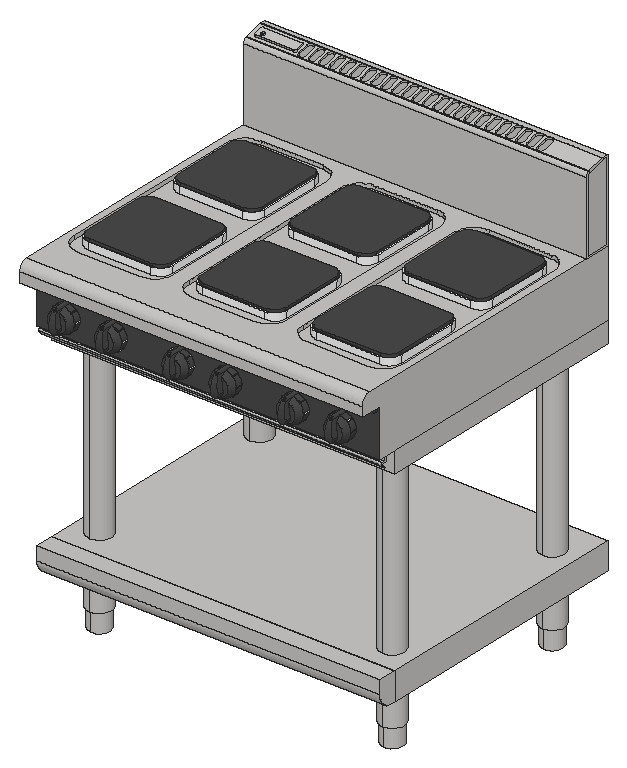
Revit family "QF_Moffat_RNB8600SE-LS_Electric_Cooktops_Sealed_Hobs_cat", category Specialty Equipment, Revit 2019 (continued)
Definition of nested family "High and Low Option"
  Automatic sketch dimensions
    curve 182 to curve 184 = 20 mm
    curve 185 to curve 186 = 7.28 mm
    curve 187 to curve 188 = 20 mm
    curve 189 to curve 190 = 7.28 mm
    curve 190 to curve 192 = 20 mm
    curve 191 to curve 194 = 7.28 mm
    curve 194 to curve 196 = 20 mm
    curve 196 to curve 198 = 7.28 mm
    curve 198 to curve 200 = 20 mm
    curve 103 to curve 106 = 19.749 mm
    curve 109 to curve 110 = 0 mm
    curve 196 to curve 201 = 0 mm
    curve 113 to curve 114 = 0 mm
    curve 192 to curve 197 = 0 mm
    curve 116 to curve 118 = 0 mm
    curve 188 to curve 190 = 0 mm
    curve 121 to curve 122 = 0 mm
    curve 184 to curve 186 = 0 mm  (x2)
    curve 125 to curve 126 = 0 mm
    curve 180 to curve 185 = 0 mm
    curve 129 to curve 130 = 0 mm
    curve 176 to curve 181 = 0 mm
    curve 133 to curve 134 = 0 mm
    curve 172 to curve 174 = 0 mm  (x2)
    curve 137 to curve 138 = 0 mm
    curve 168 to curve 170 = 0 mm  (x2)
    curve 141 to curve 142 = 0 mm
    curve 164 to curve 169 = 0 mm
    curve 145 to curve 146 = 0 mm
    curve 160 to curve 165 = 0 mm
    curve 149 to curve 150 = 0 mm
    curve 156 to curve 158 = 0 mm  (x2)
    curve 156 to curve 156 = 24.26 mm
    curve 152 to curve 155 = 0 mm
    curve 148 to curve 151 = 0 mm
    curve 159 to curve 162 = 0 mm
    curve 144 to curve 147 = 0 mm
    curve 164 to curve 166 = 0 mm
    curve 140 to curve 143 = 0 mm
    curve 136 to curve 139 = 0 mm
    curve 132 to curve 135 = 0 mm
    curve 175 to curve 178 = 0 mm
    curve 128 to curve 131 = 0 mm
    curve 180 to curve 182 = 0 mm
    curve 124 to curve 127 = 0 mm
    curve 120 to curve 123 = 0 mm
    curve 187 to curve 190 = 0 mm
    curve 116 to curve 119 = 0 mm
    curve 191 to curve 194 = 0 mm
    curve 112 to curve 115 = 0 mm
    curve 196 to curve 198 = 0 mm
    curve 108 to curve 111 = 0 mm
    curve 103 to curve 103 = 70 mm
    curve 200 to curve 105 = 123.248 mm
    curve 104 to curve 200 = 19.749 mm
    curve 203 to curve 204 = 900 mm
    curve 203 to curve 203 = 70 mm
    curve 207 to curve 208 = 900 mm
    curve 207 to curve 207 = 70 mm
    Extrusion 4 sketch curve to Extrusion 4 sketch curve = 8.8 mm
    Extrusion 4 sketch curve to Extrusion 4 sketch curve = 43 mm
    Extrusion 4 sketch curve to Extrusion 4 sketch curve = 63.6 mm
    Extrusion 4 sketch curve to Extrusion 4 sketch curve = 20.745 mm
    Extrusion 4 sketch curve to Extrusion 4 sketch curve = 2.306 mm
    Extrusion 4 sketch curve to Extrusion 4 sketch curve = 0.028 mm
    Extrusion 3 sketch curve to Extrusion 3 sketch curve = 8.8 mm
    Extrusion 3 sketch curve to Extrusion 3 sketch curve = 43 mm
    Extrusion 3 sketch curve to Extrusion 3 sketch curve = 63.6 mm
    Extrusion 3 sketch curve to Extrusion 3 sketch curve = 20.745 mm
    Extrusion 3 sketch curve to Extrusion 3 sketch curve = 2.306 mm
    Extrusion 3 sketch curve to Extrusion 3 sketch curve = 0.028 mm
    Extrusion 9 sketch curve to Extrusion 9 sketch curve = 8.8 mm
    Extrusion 9 sketch curve to Extrusion 9 sketch curve = 43 mm
    Extrusion 9 sketch curve to Extrusion 9 sketch curve = 63.6 mm
    Extrusion 9 sketch curve to Extrusion 9 sketch curve = 20.745 mm
    Extrusion 9 sketch curve to Extrusion 9 sketch curve = 2.306 mm
    Extrusion 9 sketch curve to Extrusion 9 sketch curve = 0.028 mm
    Extrusion 8 sketch curve to Extrusion 8 sketch curve = 8.8 mm
    Extrusion 8 sketch curve to Extrusion 8 sketch curve = 43 mm
    Extrusion 8 sketch curve to Extrusion 8 sketch curve = 63.6 mm
    Extrusion 8 sketch curve to Extrusion 8 sketch curve = 20.745 mm
    Extrusion 8 sketch curve to Extrusion 8 sketch curve = 2.306 mm
    Extrusion 8 sketch curve to Extrusion 8 sketch curve = 0.028 mm
    Extrusion 1 sketch curve to Extrusion 1 sketch curve = 15 mm
    Extrusion 1 sketch curve to Extrusion 1 sketch curve = 55 mm  (x2)
    Extrusion 1 sketch curve to Extrusion 1 sketch curve = 40 mm
    Extrusion 6 sketch curve to Extrusion 6 sketch curve = 15 mm
    Extrusion 6 sketch curve to Extrusion 6 sketch curve = 55 mm  (x2)
    Extrusion 6 sketch curve to Extrusion 6 sketch curve = 40 mm
    Extrusion 3 sketch curve to Extrusion 3 sketch curve = 187.855 mm
    Extrusion 3 sketch curve to Extrusion 3 sketch curve = 0.105 mm
    Extrusion 4 sketch curve to Extrusion 4 sketch curve = 187.855 mm
    Extrusion 4 sketch curve to Extrusion 4 sketch curve = 0.105 mm
    Extrusion 8 sketch curve to Extrusion 8 sketch curve = 187.855 mm
    Extrusion 8 sketch curve to Extrusion 8 sketch curve = 0.105 mm
    Extrusion 9 sketch curve to Extrusion 9 sketch curve = 187.855 mm
    Extrusion 9 sketch curve to Extrusion 9 sketch curve = 0.105 mm
  Nested families
    nested 1: "QF_LOGO_Waldorf" at (32, -70, 923.25), visible <- "Show Logo 1", type "QF_LOGO_Waldorf"
    nested 2: "QF_LOGO_Waldorf1" at (12.5, -38.053, 1110.468), visible <- "Show Logo 2", type "QF_LOGO_Waldorf1"
    nested 3: "QF_LOGO_Waldorf" at (32, -70, 923.25), visible <- "Show Logo 1", type "QF_LOGO_Waldorf", not visible
    nested 4: "QF_LOGO_Waldorf1" at (12.5, -38.053, 1110.468), visible <- "Show Logo 2", type "QF_LOGO_Waldorf1", not visible
  Definition of nested family "QF_LOGO_Waldorf"
    Parameters (values of type "QF_LOGO_Waldorf")
      Weight in Pounds = 0
      URL Cutsheet = ""
      Specification by User = ""
      Specification by Manufacturer = ""
      Serial Number = ""
      Seismic Rating = ""
      SMACNA No = ""
      Revision Code = ""
      NAFEM Spec ID Number = ""
      Masterspec = ""
      Length = 138 mm
      Item Number = ""
      Installed By = ""
      Identify Quantity as Lot = yes
      Height = 26.711 mm
      Furnished By = ""
      Foodservice Equipment Identifier = yes
      Depth = 3.175 mm
      CSI MasterFormat = ""
    Reference planes
      plane 1 "BACK": y = 0
      plane 2: z = 0
      plane 3 "LEFT": x = 0
      plane 4 "RIGHT": x = 138
      plane 5 "FRONT": y = -3.175
      plane 6 "TOP": z = 26.711
      plane 7 "Center Y": x = 69
      plane 8 "Center X": y = -1.587
    Forms (mm)
      Extrusion 1, solid
        sketch origin (0, 0, 0) x (1, 0, 0) y (0, 0, 1)
          loop
            line (109, 3.464) -> (109, 23.247)
            spline (109, 23.247) -> (108.966, 23.699) -> (108.864, 24.143) -> (108.696, 24.572) -> (108.464, 24.979) -> (108.173, 25.355) -> (107.828, 25.696) -> (107.435, 25.995) -> (107, 26.247) -> (106.531, 26.447) -> (106.035, 26.593) -> (105.522, 26.681) -> (105, 26.711)
            line (105, 26.711) -> (4, 26.711)
            spline (4, 26.711) -> (3.478, 26.681) -> (2.965, 26.593) -> (2.469, 26.447) -> (2, 26.247) -> (1.565, 25.995) -> (1.172, 25.696) -> (0.827, 25.355) -> (0.536, 24.979) -> (0.304, 24.572) -> (0.136, 24.143) -> (0.034, 23.699) -> (0, 23.247)
            line (0, 23.247) -> (0, 3.464)
            spline (0, 3.464) -> (0.034, 3.012) -> (0.136, 2.568) -> (0.304, 2.138) -> (0.536, 1.732) -> (0.827, 1.355) -> (1.172, 1.015) -> (1.565, 0.716) -> (2, 0.464) -> (2.469, 0.264) -> (2.965, 0.118) -> (3.478, 0.03) -> (4, 0)
            line (4, 0) -> (105, 0)
            spline (105, 0) -> (105.522, 0.03) -> (106.035, 0.118) -> (106.531, 0.264) -> (107, 0.464) -> (107.435, 0.716) -> (107.828, 1.015) -> (108.173, 1.355) -> (108.464, 1.732) -> (108.696, 2.138) -> (108.864, 2.568) -> (108.966, 3.012) -> (109, 3.464)
          loop
            line (14.75, 7.005) -> (14.75, 15.654)
            arc (14.75, 15.654) -> (10.425, 11.329) -> (14.75, 7.005) r 4.325
          loop
            line (15.25, 15.654) -> (15.25, 7.005)
            arc (15.25, 7.005) -> (19.575, 11.329) -> (15.25, 15.654) r 4.325
        from 0 to 3.2
      Extrusion 2, solid
        sketch origin (0, 0, 0) x (1, 0, 0) y (0, 0, 1)
          loop
            line (15.25, 15.654) -> (15.25, 7.005)
            arc (15.25, 7.005) -> (19.575, 11.329) -> (15.25, 15.654) r 4.325
        from 0 to 3.2
      Extrusion 3, solid
        sketch origin (16.271, 0, 0) x (-1, 0, 0) y (0, 0, -1)
          loop
            arc (1.521, -15.654) -> (5.846, -11.329) -> (1.521, -7.005) r 4.325
            line (1.521, -7.005) -> (1.521, -15.654)
        from 0 to 3.2
    Lines and regions (mm)
      Split face 1
        outline origin (0, -3.2, 0) x (1, 0, 0) y (0, 0, 1)
          loop
            spline (22.129, 16.975) -> (22.389, 15.984) -> (22.649, 15.002) -> (22.91, 14.028) -> (23.172, 13.065) -> (23.433, 12.11) -> (23.695, 11.166) -> (23.956, 10.232) -> (24.218, 9.308) -> (24.479, 8.396) -> (24.74, 7.495) -> (25, 6.605) -> (25.26, 5.728)
            line (25.26, 5.728) -> (29.463, 5.728)
            spline (29.463, 5.728) -> (29.582, 6.252) -> (29.701, 6.78) -> (29.82, 7.313) -> (29.939, 7.85) -> (30.058, 8.391) -> (30.178, 8.936) -> (30.297, 9.485) -> (30.416, 10.038) -> (30.536, 10.594) -> (30.655, 11.155) -> (30.775, 11.719) -> (30.894, 12.287)
            spline (30.894, 12.287) -> (31.018, 11.719) -> (31.142, 11.155) -> (31.266, 10.594) -> (31.39, 10.038) -> (31.514, 9.485) -> (31.638, 8.936) -> (31.762, 8.391) -> (31.885, 7.85) -> (32.009, 7.313) -> (32.133, 6.78) -> (32.256, 6.252) -> (32.379, 5.728)
            line (32.379, 5.728) -> (36.51, 5.728)
            spline (36.51, 5.728) -> (36.766, 6.605) -> (37.023, 7.495) -> (37.28, 8.396) -> (37.538, 9.308) -> (37.795, 10.232) -> (38.053, 11.166) -> (38.311, 12.11) -> (38.569, 13.065) -> (38.826, 14.028) -> (39.083, 15.002) -> (39.34, 15.984) -> (39.597, 16.975)
            line (39.597, 16.975) -> (35.637, 16.975)
            spline (35.637, 16.975) -> (35.523, 16.334) -> (35.41, 15.697) -> (35.296, 15.063) -> (35.182, 14.433) -> (35.068, 13.807) -> (34.954, 13.185) -> (34.84, 12.566) -> (34.726, 11.952) -> (34.612, 11.342) -> (34.497, 10.737) -> (34.383, 10.135) -> (34.269, 9.538)
            spline (34.269, 9.538) -> (34.138, 10.135) -> (34.008, 10.737) -> (33.877, 11.342) -> (33.746, 11.952) -> (33.616, 12.566) -> (33.485, 13.185) -> (33.354, 13.807) -> (33.224, 14.433) -> (33.093, 15.063) -> (32.963, 15.697) -> (32.833, 16.334) -> (32.703, 16.975)
            line (32.703, 16.975) -> (29.247, 16.975)
            spline (29.247, 16.975) -> (29.111, 16.334) -> (28.974, 15.697) -> (28.837, 15.063) -> (28.7, 14.433) -> (28.562, 13.807) -> (28.425, 13.185) -> (28.288, 12.566) -> (28.15, 11.952) -> (28.013, 11.342) -> (27.875, 10.737) -> (27.738, 10.135) -> (27.6, 9.538)
            spline (27.6, 9.538) -> (27.483, 10.135) -> (27.366, 10.737) -> (27.249, 11.342) -> (27.132, 11.952) -> (27.015, 12.566) -> (26.897, 13.185) -> (26.78, 13.807) -> (26.663, 14.433) -> (26.546, 15.063) -> (26.43, 15.697) -> (26.313, 16.334) -> (26.196, 16.975)
            line (26.196, 16.975) -> (22.129, 16.975)
      Split face 2
        outline origin (0, -3.2, 0) x (1, 0, 0) y (0, 0, 1)
          loop
            line (51.449, 5.728) -> (51.035, 6.606) -> (51.035, 11.169)
            spline (51.035, 11.169) -> (50.686, 12.42) -> (50.176, 13.224) -> (49.51, 13.708) -> (48.693, 13.995) -> (47.747, 14.152) -> (46.698, 14.207) -> (45.579, 14.186) -> (44.419, 14.114) -> (43.279, 13.929) -> (42.249, 13.481) -> (41.424, 12.614) -> (40.897, 11.169)
            line (40.897, 11.169) -> (44.617, 11.169) -> (44.988, 11.965)
            spline (44.988, 11.965) -> (47.294, 11.682) -> (46.856, 10.932) -> (45.527, 10.609) -> (43.858, 10.439) -> (42.259, 10.123) -> (41.078, 9.417) -> (40.563, 8.246) -> (40.689, 6.989) -> (41.407, 6.052) -> (42.774, 5.536) -> (44.847, 5.497) -> (47.306, 6.602)
            line (47.306, 6.602) -> (47.624, 5.728) -> (51.449, 5.728)
      Split face 3
        outline origin (0, -3.2, 0) x (1, 0, 0) y (0, 0, 1)
          loop
            line (47.264, 9.264) -> (44.938, 8.597)
            spline (44.938, 8.597) -> (44.508, 8.228) -> (44.402, 7.9) -> (44.548, 7.626) -> (44.877, 7.42) -> (45.317, 7.295) -> (45.797, 7.265) -> (46.252, 7.342) -> (46.65, 7.525) -> (46.971, 7.813) -> (47.194, 8.201) -> (47.298, 8.685) -> (47.264, 9.264)
      Split face 4
        outline origin (0, -3.2, 0) x (1, 0, 0) y (0, 0, 1)
          loop
            line (53.33, 16.975) -> (53.33, 5.728) -> (57.173, 5.728) -> (57.173, 16.975) -> (53.33, 16.975)
      Split face 5
        outline origin (0, -3.2, 0) x (1, 0, 0) y (0, 0, 1)
          loop
            line (65.795, 16.975) -> (65.795, 12.976)
            spline (65.795, 12.976) -> (63.839, 14.082) -> (62.087, 14.096) -> (60.633, 13.343) -> (59.574, 12.148) -> (58.99, 10.806) -> (58.867, 9.452) -> (59.156, 8.159) -> (59.81, 7) -> (60.786, 6.056) -> (62.111, 5.514) -> (63.868, 5.634) -> (66.137, 6.679)
            line (66.137, 6.679) -> (66.137, 5.728) -> (69.511, 5.728) -> (69.511, 16.975) -> (65.795, 16.975)
      Split face 6
        outline origin (0, -3.2, 0) x (1, 0, 0) y (0, 0, 1)
          loop
            spline (64.273, 7.499) -> (64.754, 7.57) -> (65.202, 7.777) -> (65.587, 8.106) -> (65.882, 8.535) -> (66.067, 9.034) -> (66.131, 9.57) -> (66.067, 10.106) -> (65.882, 10.605) -> (65.587, 11.034) -> (65.202, 11.363) -> (64.754, 11.57) -> (64.273, 11.64)
            spline (64.273, 11.64) -> (63.793, 11.57) -> (63.345, 11.363) -> (62.96, 11.034) -> (62.665, 10.605) -> (62.479, 10.106) -> (62.416, 9.57) -> (62.479, 9.034) -> (62.665, 8.535) -> (62.96, 8.106) -> (63.345, 7.777) -> (63.793, 7.57) -> (64.273, 7.499)
      Split face 7
        outline origin (0, -3.2, 0) x (1, 0, 0) y (0, 0, 1)
          loop
            spline (76.449, 5.305) -> (77.855, 5.457) -> (79.166, 5.901) -> (80.291, 6.607) -> (81.155, 7.527) -> (81.698, 8.599) -> (81.883, 9.749) -> (81.698, 10.899) -> (81.155, 11.97) -> (80.291, 12.891) -> (79.166, 13.597) -> (77.855, 14.041) -> (76.449, 14.192)
            spline (76.449, 14.192) -> (75.042, 14.041) -> (73.731, 13.597) -> (72.606, 12.891) -> (71.742, 11.97) -> (71.199, 10.899) -> (71.014, 9.749) -> (71.199, 8.599) -> (71.742, 7.527) -> (72.606, 6.607) -> (73.731, 5.901) -> (75.042, 5.457) -> (76.449, 5.305)
      Split face 8
        outline origin (0, -3.2, 0) x (1, 0, 0) y (0, 0, 1)
          loop
            spline (76.449, 7.654) -> (76.841, 7.725) -> (77.206, 7.934) -> (77.52, 8.267) -> (77.76, 8.701) -> (77.912, 9.206) -> (77.963, 9.749) -> (77.912, 10.291) -> (77.76, 10.796) -> (77.52, 11.23) -> (77.206, 11.563) -> (76.841, 11.772) -> (76.449, 11.843)
            spline (76.449, 11.843) -> (76.057, 11.772) -> (75.691, 11.563) -> (75.378, 11.23) -> (75.137, 10.796) -> (74.986, 10.291) -> (74.934, 9.749) -> (74.986, 9.206) -> (75.137, 8.701) -> (75.378, 8.267) -> (75.691, 7.934) -> (76.057, 7.725) -> (76.449, 7.654)
      Split face 9
        outline origin (0, -3.2, 0) x (1, 0, 0) y (0, 0, 1)
          loop
            line (86.998, 12.335) -> (86.998, 13.879) -> (83.479, 13.879) -> (83.479, 5.728) -> (87.312, 5.728) -> (87.312, 8.975)
            spline (87.312, 8.975) -> (87.364, 9.356) -> (87.458, 9.686) -> (87.594, 9.968) -> (87.769, 10.204) -> (87.982, 10.398) -> (88.229, 10.55) -> (88.509, 10.666) -> (88.82, 10.746) -> (89.16, 10.794) -> (89.525, 10.812) -> (89.915, 10.803) -> (90.327, 10.77)
            line (90.327, 10.77) -> (90.327, 14.113)
            spline (90.327, 14.113) -> (89.929, 14.127) -> (89.552, 14.111) -> (89.197, 14.066) -> (88.865, 13.991) -> (88.554, 13.887) -> (88.266, 13.754) -> (87.999, 13.591) -> (87.755, 13.399) -> (87.532, 13.177) -> (87.332, 12.926) -> (87.154, 12.645) -> (86.998, 12.335)
      Split face 10
        outline origin (0, -3.2, 0) x (1, 0, 0) y (0, 0, 1)
          loop
            line (92.082, 13.879) -> (90.894, 13.879) -> (90.894, 11.972) -> (92.082, 11.972) -> (92.082, 5.728) -> (95.871, 5.728) -> (95.871, 11.972) -> (97.5, 11.972) -> (97.5, 13.879) -> (95.871, 13.879)
            spline (95.871, 13.879) -> (95.843, 14.088) -> (95.845, 14.278) -> (95.877, 14.447) -> (95.939, 14.596) -> (96.03, 14.726) -> (96.151, 14.835) -> (96.301, 14.925) -> (96.482, 14.995) -> (96.692, 15.045) -> (96.931, 15.075) -> (97.201, 15.085) -> (97.5, 15.076)
            line (97.5, 15.076) -> (97.5, 17.266) -> (95.367, 17.266)
            spline (95.367, 17.266) -> (94.982, 17.253) -> (94.58, 17.21) -> (94.174, 17.132) -> (93.774, 17.013) -> (93.39, 16.846) -> (93.034, 16.627) -> (92.717, 16.349) -> (92.448, 16.007) -> (92.24, 15.595) -> (92.102, 15.106) -> (92.046, 14.537) -> (92.082, 13.879)
    Dimensions and locks
      equal spacing: plane 3 "LEFT", plane 7 "Center Y", plane 4 "RIGHT"
      "Length": plane 3 "LEFT" to plane 4 "RIGHT"
      equal spacing: plane 5 "FRONT", plane 8 "Center X", plane 1 "BACK"
      "Depth": plane 5 "FRONT" to plane 1 "BACK"
      "Height": plane 6 "TOP" to level
      plane 4 "RIGHT" to plane 3 "LEFT" = 138 mm
      aligned and locked: level to plane 2
    Automatic sketch dimensions
      Extrusion 1 sketch curve to plane 3 "LEFT" = 0 mm
      Extrusion 1 sketch curve to plane 6 "TOP" = 0 mm
      Extrusion 1 sketch curve to level = 0 mm
      plane 3 "LEFT" to Extrusion 1 sketch curve = 4 mm  (x2)
      Extrusion 1 sketch curve to Extrusion 1 sketch curve = 10.75 mm
      Extrusion 1 sketch curve to Extrusion 1 sketch curve = 0.5 mm
      plane 4 "RIGHT" to Extrusion 1 sketch curve = 33 mm
      Extrusion 1 sketch curve to Extrusion 1 sketch curve = 0 mm  (x3)
      Extrusion 1 sketch curve to Extrusion 1 sketch curve = 4 mm
      level to Extrusion 1 sketch curve = 3.464 mm  (x2)
      level to Extrusion 1 sketch curve = 7.005 mm
      Extrusion 1 sketch curve to Extrusion 1 sketch curve = 4.325 mm
      Extrusion 1 sketch curve to plane 6 "TOP" = 3.464 mm  (x2)
      Extrusion 2 sketch curve to Extrusion 2 sketch curve = 4.325 mm
      level to Extrusion 2 sketch curve = 7.005 mm
      plane 3 "LEFT" to Extrusion 2 sketch curve = 15.25 mm
      Extrusion 3 sketch curve to Extrusion 3 sketch curve = 4.325 mm
      Extrusion 3 sketch curve to level = 7.005 mm
      Extrusion 3 sketch curve to plane 3 "LEFT" = 14.75 mm
      Extrusion 1 to Split face 1 sketch curve = 6.879 mm
      Split face 1 sketch curve to Extrusion 1 = 5.728 mm
      Split face 1 sketch curve to Split face 1 sketch curve = 3.132 mm
      Split face 1 sketch curve to Split face 1 sketch curve = 4.068 mm
      Split face 1 sketch curve to Split face 1 sketch curve = 3.051 mm
      Split face 1 sketch curve to Split face 1 sketch curve = 4.203 mm
      Split face 1 sketch curve to Split face 1 sketch curve = 2.916 mm
      Split face 1 sketch curve to Split face 1 sketch curve = 3.456 mm
      Split face 1 sketch curve to Split face 1 sketch curve = 2.934 mm
      Split face 1 sketch curve to Split face 1 sketch curve = 4.131 mm
      Split face 1 sketch curve to Split face 1 sketch curve = 3.96 mm
      Split face 1 sketch curve to Split face 1 sketch curve = 0 mm  (x2)
      Split face 1 sketch curve to Extrusion 1 = 9.736 mm  (x2)
      Extrusion 1 to Split face 1 sketch curve = 6.337 mm
      Extrusion 1 to Split face 1 sketch curve = 6.231 mm
      Extrusion 1 to Split face 1 sketch curve = 3.184 mm
      Extrusion 1 to Split face 1 sketch curve = 13.135 mm
      Split face 1 sketch curve to Split face 1 sketch curve = 4.652 mm
      Split face 1 sketch curve to Split face 1 sketch curve = 3.593 mm
      Split face 1 sketch curve to Split face 1 sketch curve = 1.863 mm
      Split face 1 sketch curve to Split face 1 sketch curve = 0.713 mm
      Split face 1 sketch curve to Split face 1 sketch curve = 2.684 mm
      Split face 1 sketch curve to Split face 1 sketch curve = 3.294 mm
      Split face 1 sketch curve to Split face 1 sketch curve = 0.459 mm
      Split face 1 sketch curve to Split face 1 sketch curve = 2.775 mm
      Split face 1 sketch curve to Split face 1 sketch curve = 1.89 mm
      Split face 1 sketch curve to Split face 1 sketch curve = 0.685 mm
      Split face 1 sketch curve to Split face 1 sketch curve = 9.486 mm
      Split face 1 sketch curve to Split face 1 sketch curve = 16.213 mm
      Split face 1 sketch curve to Split face 1 sketch curve = 3.48 mm
      Split face 1 sketch curve to Split face 1 sketch curve = 4.918 mm
      Split face 1 sketch curve to Split face 1 sketch curve = 7.609 mm
      Split face 1 sketch curve to Split face 1 sketch curve = 0.01 mm  (x2)
      Split face 1 sketch curve to Split face 1 sketch curve = 0.002 mm
      Split face 2 sketch curve to Extrusion 1 = 11.169 mm
      Extrusion 1 to Split face 2 sketch curve = 25.647 mm
      Split face 2 sketch curve to Split face 2 sketch curve = 3.72 mm
      Split face 2 sketch curve to Extrusion 1 = 11.965 mm
      Split face 2 sketch curve to Split face 2 sketch curve = 0.371 mm
      Split face 2 sketch curve to Extrusion 1 = 6.602 mm
      Split face 2 sketch curve to Split face 2 sketch curve = 2.689 mm
      Split face 2 sketch curve to Split face 2 sketch curve = 0.318 mm
      Split face 2 sketch curve to Split face 2 sketch curve = 3.729 mm
      Split face 2 sketch curve to Split face 2 sketch curve = 0.414 mm
      Split face 2 sketch curve to Split face 2 sketch curve = 0.875 mm
      Split face 2 sketch curve to Split face 2 sketch curve = 0.878 mm
      Split face 3 sketch curve to Extrusion 1 = 8.597 mm
      Extrusion 1 to Split face 3 sketch curve = 29.688 mm
      Split face 3 sketch curve to Extrusion 1 = 9.264 mm
      Split face 3 sketch curve to Split face 3 sketch curve = 2.326 mm
      Split face 4 sketch curve to Extrusion 1 = 5.728 mm
      Extrusion 1 to Split face 4 sketch curve = 38.08 mm
      Split face 4 sketch curve to Split face 4 sketch curve = 3.843 mm
      Split face 4 sketch curve to Extrusion 1 = 9.736 mm
      Split face 5 sketch curve to Extrusion 1 = 12.976 mm
      Split face 5 sketch curve to Extrusion 1 = 43.205 mm
      Split face 5 sketch curve to Extrusion 1 = 6.679 mm
      Split face 5 sketch curve to Split face 5 sketch curve = 0.342 mm
      Split face 5 sketch curve to Split face 5 sketch curve = 3.375 mm
      Split face 5 sketch curve to Split face 5 sketch curve = 0.952 mm
      Split face 5 sketch curve to Split face 5 sketch curve = 3.998 mm
      Split face 6 sketch curve to Extrusion 1 = 7.499 mm
      Split face 6 sketch curve to Extrusion 1 = 44.727 mm
      Split face 6 sketch curve to Split face 6 sketch curve = 2.07 mm
      Split face 7 sketch curve to Extrusion 1 = 5.305 mm
      Split face 7 sketch curve to Extrusion 1 = 32.551 mm
      Split face 7 sketch curve to Split face 7 sketch curve = 4.443 mm
      Split face 8 sketch curve to Split face 8 sketch curve = 2.095 mm
      Split face 8 sketch curve to Extrusion 1 = 7.654 mm
      Split face 8 sketch curve to Extrusion 1 = 32.551 mm
      Split face 9 sketch curve to Extrusion 1 = 5.728 mm
      Split face 9 sketch curve to Extrusion 1 = 25.521 mm
      Split face 9 sketch curve to Split face 9 sketch curve = 3.519 mm
      Split face 9 sketch curve to Split face 9 sketch curve = 0.315 mm
      Split face 9 sketch curve to Split face 9 sketch curve = 3.33 mm
      Split face 9 sketch curve to Split face 9 sketch curve = 3.248 mm
      Split face 9 sketch curve to Split face 9 sketch curve = 1.795 mm
      Split face 9 sketch curve to Split face 9 sketch curve = 3.36 mm
      Split face 9 sketch curve to Split face 9 sketch curve = 1.545 mm
      Split face 9 sketch curve to Split face 9 sketch curve = 0.233 mm
      Split face 10 sketch curve to Extrusion 1 = 18.106 mm
      Split face 10 sketch curve to Split face 10 sketch curve = 1.188 mm  (x2)
      Split face 10 sketch curve to Split face 10 sketch curve = 3.285 mm
      Split face 10 sketch curve to Split face 10 sketch curve = 3.789 mm
      Split face 10 sketch curve to Split face 10 sketch curve = 0 mm  (x2)
      Split face 10 sketch curve to Split face 10 sketch curve = 1.629 mm
      Split face 10 sketch curve to Split face 10 sketch curve = 2.133 mm
      Split face 10 sketch curve to Extrusion 1 = 5.728 mm
      Split face 10 sketch curve to Split face 10 sketch curve = 6.245 mm
      Split face 10 sketch curve to Split face 10 sketch curve = 1.907 mm  (x2)
      Split face 10 sketch curve to Split face 10 sketch curve = 1.197 mm
      Split face 10 sketch curve to Split face 10 sketch curve = 2.19 mm
  Definition of nested family "QF_LOGO_Waldorf1"
    Parameters (values of type "QF_LOGO_Waldorf1")
      Weight in Pounds = 0
      URL Cutsheet = ""
      Specification by User = ""
      Specification by Manufacturer = ""
      Serial Number = ""
      Seismic Rating = ""
      SMACNA No = ""
      Revision Code = ""
      NAFEM Spec ID Number = ""
      Masterspec = ""
      Length = 138 mm
      Item Number = ""
      Installed By = ""
      Identify Quantity as Lot = yes
      Height = 26.711 mm
      Furnished By = ""
      Foodservice Equipment Identifier = yes
      Depth = 3.175 mm
      CSI MasterFormat = ""
    Reference planes
      plane 1 "BACK": y = 0
      plane 2: z = 0
      plane 3 "LEFT": x = 0
      plane 4 "RIGHT": x = 138
      plane 5 "FRONT": y = -3.175
      plane 6 "TOP": z = 26.711
      plane 7 "Center Y": x = 69
      plane 8 "Center X": y = -1.587
    Forms (mm)
      Extrusion 1, solid
        sketch origin (0, -12.9, 9.899) x (1, 0, 0) y (0, 0.965926, 0.258819)
          loop
            line (109, 3.464) -> (109, 23.247)
            spline (109, 23.247) -> (108.966, 23.699) -> (108.864, 24.143) -> (108.696, 24.572) -> (108.464, 24.979) -> (108.173, 25.355) -> (107.828, 25.696) -> (107.435, 25.995) -> (107, 26.247) -> (106.531, 26.447) -> (106.035, 26.593) -> (105.522, 26.681) -> (105, 26.711)
            line (105, 26.711) -> (4, 26.711)
            spline (4, 26.711) -> (3.478, 26.681) -> (2.965, 26.593) -> (2.469, 26.447) -> (2, 26.247) -> (1.565, 25.995) -> (1.172, 25.696) -> (0.827, 25.355) -> (0.536, 24.979) -> (0.304, 24.572) -> (0.136, 24.143) -> (0.034, 23.699) -> (0, 23.247)
            line (0, 23.247) -> (0, 3.464)
            spline (0, 3.464) -> (0.034, 3.012) -> (0.136, 2.568) -> (0.304, 2.138) -> (0.536, 1.732) -> (0.827, 1.355) -> (1.172, 1.015) -> (1.565, 0.716) -> (2, 0.464) -> (2.469, 0.264) -> (2.965, 0.118) -> (3.478, 0.03) -> (4, 0)
            line (4, 0) -> (105, 0)
            spline (105, 0) -> (105.522, 0.03) -> (106.035, 0.118) -> (106.531, 0.264) -> (107, 0.464) -> (107.435, 0.716) -> (107.828, 1.015) -> (108.173, 1.355) -> (108.464, 1.732) -> (108.696, 2.138) -> (108.864, 2.568) -> (108.966, 3.012) -> (109, 3.464)
          loop
            line (14.75, 7.005) -> (14.75, 15.654)
            arc (14.75, 15.654) -> (10.425, 11.329) -> (14.75, 7.005) r 4.325
          loop
            line (15.25, 15.654) -> (15.25, 7.005)
            arc (15.25, 7.005) -> (19.575, 11.329) -> (15.25, 15.654) r 4.325
        from 0 to 3.2
      Extrusion 2, solid
        sketch origin (0, -12.9, 9.899) x (1, 0, 0) y (0, 0.965926, 0.258819)
          loop
            line (15.25, 15.654) -> (15.25, 7.005)
            arc (15.25, 7.005) -> (19.575, 11.329) -> (15.25, 15.654) r 4.325
        from 0 to 3.2
      Extrusion 3, solid
        sketch origin (16.271, -12.9, 9.899) x (-1, 0, 0) y (0, -0.965926, -0.258819)
          loop
            arc (1.521, -15.654) -> (5.846, -11.329) -> (1.521, -7.005) r 4.325
            line (1.521, -7.005) -> (1.521, -15.654)
        from 0 to 3.2
    Lines and regions (mm)
      Split face 1
        outline origin (0, -13.729, 12.99) x (1, 0, 0) y (0, 0.965926, 0.258819)
          loop
            spline (22.129, 16.975) -> (22.389, 15.984) -> (22.649, 15.002) -> (22.91, 14.028) -> (23.172, 13.065) -> (23.433, 12.11) -> (23.695, 11.166) -> (23.956, 10.232) -> (24.218, 9.308) -> (24.479, 8.396) -> (24.74, 7.495) -> (25, 6.605) -> (25.26, 5.728)
            line (25.26, 5.728) -> (29.463, 5.728)
            spline (29.463, 5.728) -> (29.582, 6.252) -> (29.701, 6.78) -> (29.82, 7.313) -> (29.939, 7.85) -> (30.058, 8.391) -> (30.178, 8.936) -> (30.297, 9.485) -> (30.416, 10.038) -> (30.536, 10.594) -> (30.655, 11.155) -> (30.775, 11.719) -> (30.894, 12.287)
            spline (30.894, 12.287) -> (31.018, 11.719) -> (31.142, 11.155) -> (31.266, 10.594) -> (31.39, 10.038) -> (31.514, 9.485) -> (31.638, 8.936) -> (31.762, 8.391) -> (31.885, 7.85) -> (32.009, 7.313) -> (32.133, 6.78) -> (32.256, 6.252) -> (32.379, 5.728)
            line (32.379, 5.728) -> (36.51, 5.728)
            spline (36.51, 5.728) -> (36.766, 6.605) -> (37.023, 7.495) -> (37.28, 8.396) -> (37.538, 9.308) -> (37.795, 10.232) -> (38.053, 11.166) -> (38.311, 12.11) -> (38.569, 13.065) -> (38.826, 14.028) -> (39.083, 15.002) -> (39.34, 15.984) -> (39.597, 16.975)
            line (39.597, 16.975) -> (35.637, 16.975)
            spline (35.637, 16.975) -> (35.523, 16.334) -> (35.41, 15.697) -> (35.296, 15.063) -> (35.182, 14.433) -> (35.068, 13.807) -> (34.954, 13.185) -> (34.84, 12.566) -> (34.726, 11.952) -> (34.612, 11.342) -> (34.497, 10.737) -> (34.383, 10.135) -> (34.269, 9.538)
            spline (34.269, 9.538) -> (34.138, 10.135) -> (34.008, 10.737) -> (33.877, 11.342) -> (33.746, 11.952) -> (33.616, 12.566) -> (33.485, 13.185) -> (33.354, 13.807) -> (33.224, 14.433) -> (33.093, 15.063) -> (32.963, 15.697) -> (32.833, 16.334) -> (32.703, 16.975)
            line (32.703, 16.975) -> (29.247, 16.975)
            spline (29.247, 16.975) -> (29.111, 16.334) -> (28.974, 15.697) -> (28.837, 15.063) -> (28.7, 14.433) -> (28.562, 13.807) -> (28.425, 13.185) -> (28.288, 12.566) -> (28.15, 11.952) -> (28.013, 11.342) -> (27.875, 10.737) -> (27.738, 10.135) -> (27.6, 9.538)
            spline (27.6, 9.538) -> (27.483, 10.135) -> (27.366, 10.737) -> (27.249, 11.342) -> (27.132, 11.952) -> (27.015, 12.566) -> (26.897, 13.185) -> (26.78, 13.807) -> (26.663, 14.433) -> (26.546, 15.063) -> (26.43, 15.697) -> (26.313, 16.334) -> (26.196, 16.975)
            line (26.196, 16.975) -> (22.129, 16.975)
      Split face 2
        outline origin (0, -13.729, 12.99) x (1, 0, 0) y (0, 0.965926, 0.258819)
          loop
            line (51.449, 5.728) -> (51.035, 6.606) -> (51.035, 11.169)
            spline (51.035, 11.169) -> (50.686, 12.42) -> (50.176, 13.224) -> (49.51, 13.708) -> (48.693, 13.995) -> (47.747, 14.152) -> (46.698, 14.207) -> (45.579, 14.186) -> (44.419, 14.114) -> (43.279, 13.929) -> (42.249, 13.481) -> (41.424, 12.614) -> (40.897, 11.169)
            line (40.897, 11.169) -> (44.617, 11.169) -> (44.988, 11.965)
            spline (44.988, 11.965) -> (47.294, 11.682) -> (46.856, 10.932) -> (45.527, 10.609) -> (43.858, 10.439) -> (42.259, 10.123) -> (41.078, 9.417) -> (40.563, 8.246) -> (40.689, 6.989) -> (41.407, 6.052) -> (42.774, 5.536) -> (44.847, 5.497) -> (47.306, 6.602)
            line (47.306, 6.602) -> (47.624, 5.728) -> (51.449, 5.728)
      Split face 3
        outline origin (0, -13.729, 12.99) x (1, 0, 0) y (0, 0.965926, 0.258819)
          loop
            line (47.264, 9.264) -> (44.938, 8.597)
            spline (44.938, 8.597) -> (44.508, 8.228) -> (44.402, 7.9) -> (44.548, 7.626) -> (44.877, 7.42) -> (45.317, 7.295) -> (45.797, 7.265) -> (46.252, 7.342) -> (46.65, 7.525) -> (46.971, 7.813) -> (47.194, 8.201) -> (47.298, 8.685) -> (47.264, 9.264)
      Split face 4
        outline origin (0, -13.729, 12.99) x (1, 0, 0) y (0, 0.965926, 0.258819)
          loop
            line (53.33, 16.975) -> (53.33, 5.728) -> (57.173, 5.728) -> (57.173, 16.975) -> (53.33, 16.975)
      Split face 5
        outline origin (0, -13.729, 12.99) x (1, 0, 0) y (0, 0.965926, 0.258819)
          loop
            line (65.795, 16.975) -> (65.795, 12.976)
            spline (65.795, 12.976) -> (63.839, 14.082) -> (62.087, 14.096) -> (60.633, 13.343) -> (59.574, 12.148) -> (58.99, 10.806) -> (58.867, 9.452) -> (59.156, 8.159) -> (59.81, 7) -> (60.786, 6.056) -> (62.111, 5.514) -> (63.868, 5.634) -> (66.137, 6.679)
            line (66.137, 6.679) -> (66.137, 5.728) -> (69.511, 5.728) -> (69.511, 16.975) -> (65.795, 16.975)
      Split face 6
        outline origin (0, -13.729, 12.99) x (1, 0, 0) y (0, 0.965926, 0.258819)
          loop
            spline (64.273, 7.499) -> (64.754, 7.57) -> (65.202, 7.777) -> (65.587, 8.106) -> (65.882, 8.535) -> (66.067, 9.034) -> (66.131, 9.57) -> (66.067, 10.106) -> (65.882, 10.605) -> (65.587, 11.034) -> (65.202, 11.363) -> (64.754, 11.57) -> (64.273, 11.64)
            spline (64.273, 11.64) -> (63.793, 11.57) -> (63.345, 11.363) -> (62.96, 11.034) -> (62.665, 10.605) -> (62.479, 10.106) -> (62.416, 9.57) -> (62.479, 9.034) -> (62.665, 8.535) -> (62.96, 8.106) -> (63.345, 7.777) -> (63.793, 7.57) -> (64.273, 7.499)
      Split face 7
        outline origin (0, -13.729, 12.99) x (1, 0, 0) y (0, 0.965926, 0.258819)
          loop
            spline (76.449, 5.305) -> (77.855, 5.457) -> (79.166, 5.901) -> (80.291, 6.607) -> (81.155, 7.527) -> (81.698, 8.599) -> (81.883, 9.749) -> (81.698, 10.899) -> (81.155, 11.97) -> (80.291, 12.891) -> (79.166, 13.597) -> (77.855, 14.041) -> (76.449, 14.192)
            spline (76.449, 14.192) -> (75.042, 14.041) -> (73.731, 13.597) -> (72.606, 12.891) -> (71.742, 11.97) -> (71.199, 10.899) -> (71.014, 9.749) -> (71.199, 8.599) -> (71.742, 7.527) -> (72.606, 6.607) -> (73.731, 5.901) -> (75.042, 5.457) -> (76.449, 5.305)
      Split face 8
        outline origin (0, -13.729, 12.99) x (1, 0, 0) y (0, 0.965926, 0.258819)
          loop
            spline (76.449, 7.654) -> (76.841, 7.725) -> (77.206, 7.934) -> (77.52, 8.267) -> (77.76, 8.701) -> (77.912, 9.206) -> (77.963, 9.749) -> (77.912, 10.291) -> (77.76, 10.796) -> (77.52, 11.23) -> (77.206, 11.563) -> (76.841, 11.772) -> (76.449, 11.843)
            spline (76.449, 11.843) -> (76.057, 11.772) -> (75.691, 11.563) -> (75.378, 11.23) -> (75.137, 10.796) -> (74.986, 10.291) -> (74.934, 9.749) -> (74.986, 9.206) -> (75.137, 8.701) -> (75.378, 8.267) -> (75.691, 7.934) -> (76.057, 7.725) -> (76.449, 7.654)
      Split face 9
        outline origin (0, -13.729, 12.99) x (1, 0, 0) y (0, 0.965926, 0.258819)
          loop
            line (86.998, 12.335) -> (86.998, 13.879) -> (83.479, 13.879) -> (83.479, 5.728) -> (87.312, 5.728) -> (87.312, 8.975)
            spline (87.312, 8.975) -> (87.364, 9.356) -> (87.458, 9.686) -> (87.594, 9.968) -> (87.769, 10.204) -> (87.982, 10.398) -> (88.229, 10.55) -> (88.509, 10.666) -> (88.82, 10.746) -> (89.16, 10.794) -> (89.525, 10.812) -> (89.915, 10.803) -> (90.327, 10.77)
            line (90.327, 10.77) -> (90.327, 14.113)
            spline (90.327, 14.113) -> (89.929, 14.127) -> (89.552, 14.111) -> (89.197, 14.066) -> (88.865, 13.991) -> (88.554, 13.887) -> (88.266, 13.754) -> (87.999, 13.591) -> (87.755, 13.399) -> (87.532, 13.177) -> (87.332, 12.926) -> (87.154, 12.645) -> (86.998, 12.335)
      Split face 10
        outline origin (0, -13.729, 12.99) x (1, 0, 0) y (0, 0.965926, 0.258819)
          loop
            line (92.082, 13.879) -> (90.894, 13.879) -> (90.894, 11.972) -> (92.082, 11.972) -> (92.082, 5.728) -> (95.871, 5.728) -> (95.871, 11.972) -> (97.5, 11.972) -> (97.5, 13.879) -> (95.871, 13.879)
            spline (95.871, 13.879) -> (95.843, 14.088) -> (95.845, 14.278) -> (95.877, 14.447) -> (95.939, 14.596) -> (96.03, 14.726) -> (96.151, 14.835) -> (96.301, 14.925) -> (96.482, 14.995) -> (96.692, 15.045) -> (96.931, 15.075) -> (97.201, 15.085) -> (97.5, 15.076)
            line (97.5, 15.076) -> (97.5, 17.266) -> (95.367, 17.266)
            spline (95.367, 17.266) -> (94.982, 17.253) -> (94.58, 17.21) -> (94.174, 17.132) -> (93.774, 17.013) -> (93.39, 16.846) -> (93.034, 16.627) -> (92.717, 16.349) -> (92.448, 16.007) -> (92.24, 15.595) -> (92.102, 15.106) -> (92.046, 14.537) -> (92.082, 13.879)
    Dimensions and locks
      equal spacing: plane 3 "LEFT", plane 7 "Center Y", plane 4 "RIGHT"
      "Length": plane 3 "LEFT" to plane 4 "RIGHT"
      equal spacing: plane 5 "FRONT", plane 8 "Center X", plane 1 "BACK"
      "Depth": plane 5 "FRONT" to plane 1 "BACK"
      "Height": plane 6 "TOP" to level
      plane 4 "RIGHT" to plane 3 "LEFT" = 138 mm
      aligned and locked: level to plane 2
    Automatic sketch dimensions
      Extrusion 1 sketch curve to plane 3 "LEFT" = 0 mm
      plane 3 "LEFT" to Extrusion 1 sketch curve = 4 mm  (x2)
      Extrusion 1 sketch curve to Extrusion 1 sketch curve = 10.75 mm
      Extrusion 1 sketch curve to Extrusion 1 sketch curve = 0.5 mm
      plane 4 "RIGHT" to Extrusion 1 sketch curve = 33 mm
      Extrusion 1 sketch curve to Extrusion 1 sketch curve = 0 mm  (x3)
      Extrusion 1 sketch curve to Extrusion 1 sketch curve = 4 mm
      Extrusion 1 sketch curve to Extrusion 1 sketch curve = 3.464 mm  (x3)
      Extrusion 1 sketch curve to Extrusion 1 sketch curve = 3.541 mm
      Extrusion 1 sketch curve to Extrusion 1 sketch curve = 4.325 mm
      Extrusion 1 sketch curve to Extrusion 1 sketch curve = 19.783 mm
      Extrusion 1 sketch curve to Extrusion 1 sketch curve = 7.592 mm
      plane 3 "LEFT" to Extrusion 2 sketch curve = 15.25 mm
      Extrusion 2 sketch curve to Extrusion 2 sketch curve = 4.325 mm
      plane 3 "LEFT" to Extrusion 3 sketch curve = 14.75 mm
      Extrusion 3 sketch curve to Extrusion 3 sketch curve = 4.325 mm
      Extrusion 1 to Split face 1 sketch curve = 6.879 mm
      Split face 1 sketch curve to Extrusion 1 = 5.728 mm
      Split face 1 sketch curve to Split face 1 sketch curve = 3.132 mm
      Split face 1 sketch curve to Split face 1 sketch curve = 4.068 mm
      Split face 1 sketch curve to Split face 1 sketch curve = 3.051 mm
      Split face 1 sketch curve to Split face 1 sketch curve = 4.203 mm
      Split face 1 sketch curve to Split face 1 sketch curve = 2.916 mm
      Split face 1 sketch curve to Split face 1 sketch curve = 3.456 mm
      Split face 1 sketch curve to Split face 1 sketch curve = 2.934 mm
      Split face 1 sketch curve to Split face 1 sketch curve = 4.131 mm
      Split face 1 sketch curve to Split face 1 sketch curve = 3.96 mm
      Split face 1 sketch curve to Split face 1 sketch curve = 0 mm  (x2)
      Split face 1 sketch curve to Extrusion 1 = 9.736 mm  (x2)
      Extrusion 1 to Split face 1 sketch curve = 6.337 mm
      Extrusion 1 to Split face 1 sketch curve = 6.231 mm
      Extrusion 1 to Split face 1 sketch curve = 3.184 mm
      Extrusion 1 to Split face 1 sketch curve = 13.135 mm
      Split face 1 sketch curve to Split face 1 sketch curve = 4.652 mm
      Split face 1 sketch curve to Split face 1 sketch curve = 3.593 mm
      Split face 1 sketch curve to Split face 1 sketch curve = 1.863 mm
      Split face 1 sketch curve to Split face 1 sketch curve = 0.713 mm
      Split face 1 sketch curve to Split face 1 sketch curve = 2.684 mm
      Split face 1 sketch curve to Split face 1 sketch curve = 3.294 mm
      Split face 1 sketch curve to Split face 1 sketch curve = 0.459 mm
      Split face 1 sketch curve to Split face 1 sketch curve = 2.775 mm
      Split face 1 sketch curve to Split face 1 sketch curve = 1.89 mm
      Split face 1 sketch curve to Split face 1 sketch curve = 0.685 mm
      Split face 1 sketch curve to Split face 1 sketch curve = 9.486 mm
      Split face 1 sketch curve to Split face 1 sketch curve = 16.213 mm
      Split face 1 sketch curve to Split face 1 sketch curve = 3.48 mm
      Split face 1 sketch curve to Split face 1 sketch curve = 4.918 mm
      Split face 1 sketch curve to Split face 1 sketch curve = 7.609 mm
      Split face 1 sketch curve to Split face 1 sketch curve = 0.01 mm  (x2)
      Split face 1 sketch curve to Split face 1 sketch curve = 0.002 mm
      Split face 2 sketch curve to Extrusion 1 = 11.169 mm
      Extrusion 1 to Split face 2 sketch curve = 25.647 mm
      Split face 2 sketch curve to Split face 2 sketch curve = 3.72 mm
      Split face 2 sketch curve to Extrusion 1 = 11.965 mm
      Split face 2 sketch curve to Split face 2 sketch curve = 0.371 mm
      Split face 2 sketch curve to Extrusion 1 = 6.602 mm
      Split face 2 sketch curve to Split face 2 sketch curve = 2.689 mm
      Split face 2 sketch curve to Split face 2 sketch curve = 0.318 mm
      Split face 2 sketch curve to Split face 2 sketch curve = 3.729 mm
      Split face 2 sketch curve to Split face 2 sketch curve = 0.414 mm
      Split face 2 sketch curve to Split face 2 sketch curve = 0.875 mm
      Split face 2 sketch curve to Split face 2 sketch curve = 0.878 mm
      Split face 3 sketch curve to Extrusion 1 = 8.597 mm
      Extrusion 1 to Split face 3 sketch curve = 29.688 mm
      Split face 3 sketch curve to Extrusion 1 = 9.264 mm
      Split face 3 sketch curve to Split face 3 sketch curve = 2.326 mm
      Split face 4 sketch curve to Extrusion 1 = 5.728 mm
      Extrusion 1 to Split face 4 sketch curve = 38.08 mm
      Split face 4 sketch curve to Split face 4 sketch curve = 3.843 mm
      Split face 4 sketch curve to Extrusion 1 = 9.736 mm
      Split face 5 sketch curve to Extrusion 1 = 9.736 mm
      Split face 5 sketch curve to Extrusion 1 = 43.205 mm
      Split face 5 sketch curve to Extrusion 1 = 6.679 mm
      Split face 5 sketch curve to Split face 5 sketch curve = 0.342 mm
      Split face 5 sketch curve to Split face 5 sketch curve = 3.375 mm
      Split face 5 sketch curve to Split face 5 sketch curve = 0.952 mm
      Split face 5 sketch curve to Split face 5 sketch curve = 3.998 mm
      Split face 6 sketch curve to Extrusion 1 = 7.499 mm
      Split face 6 sketch curve to Extrusion 1 = 44.727 mm
      Split face 6 sketch curve to Split face 6 sketch curve = 2.07 mm
      Split face 7 sketch curve to Extrusion 1 = 5.305 mm
      Split face 7 sketch curve to Extrusion 1 = 32.551 mm
      Split face 7 sketch curve to Split face 7 sketch curve = 4.443 mm
      Split face 8 sketch curve to Extrusion 1 = 7.654 mm
      Split face 8 sketch curve to Extrusion 1 = 32.551 mm
      Split face 8 sketch curve to Split face 8 sketch curve = 2.095 mm
      Split face 9 sketch curve to Extrusion 1 = 5.728 mm
      Split face 9 sketch curve to Extrusion 1 = 25.521 mm
      Split face 9 sketch curve to Split face 9 sketch curve = 3.519 mm
      Split face 9 sketch curve to Split face 9 sketch curve = 0.315 mm
      Split face 9 sketch curve to Split face 9 sketch curve = 3.33 mm
      Split face 9 sketch curve to Split face 9 sketch curve = 3.248 mm
      Split face 9 sketch curve to Split face 9 sketch curve = 1.795 mm
      Split face 9 sketch curve to Split face 9 sketch curve = 3.36 mm
      Split face 9 sketch curve to Split face 9 sketch curve = 1.545 mm
      Split face 9 sketch curve to Split face 9 sketch curve = 0.233 mm
      Split face 10 sketch curve to Extrusion 1 = 18.106 mm
      Split face 10 sketch curve to Split face 10 sketch curve = 1.188 mm  (x2)
      Split face 10 sketch curve to Split face 10 sketch curve = 3.285 mm
      Split face 10 sketch curve to Split face 10 sketch curve = 3.789 mm
      Split face 10 sketch curve to Split face 10 sketch curve = 0 mm  (x2)
      Split face 10 sketch curve to Split face 10 sketch curve = 1.629 mm
      Split face 10 sketch curve to Split face 10 sketch curve = 2.133 mm
      Split face 10 sketch curve to Extrusion 1 = 5.728 mm
      Split face 10 sketch curve to Split face 10 sketch curve = 6.245 mm
      Split face 10 sketch curve to Split face 10 sketch curve = 1.907 mm  (x2)
      Split face 10 sketch curve to Split face 10 sketch curve = 1.197 mm
      Split face 10 sketch curve to Split face 10 sketch curve = 2.19 mm
